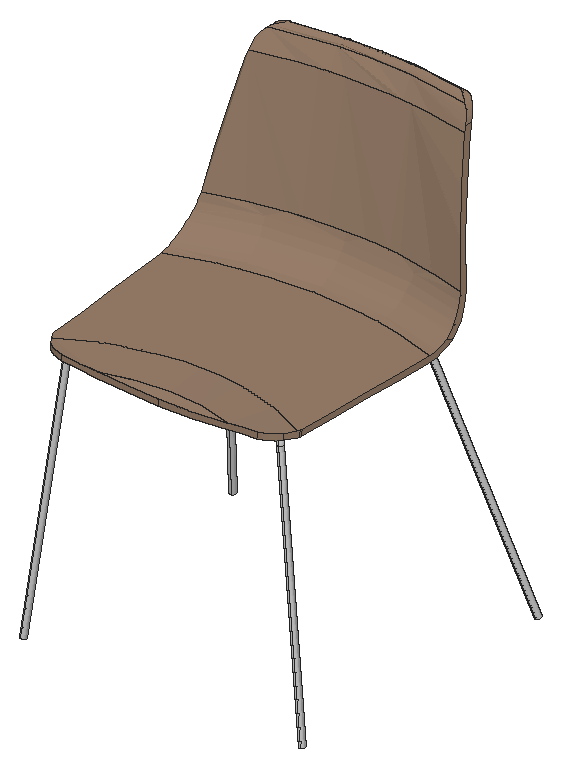
Revit family "FU_Chair_Sandler_VARYA TAPIZ_1-2", category Furniture, Revit 2020
Family settings
  OmniClass Number = 23.21.23.15.17
  Work Plane-Based = Yes
  Always vertical = No
  Cut with Voids When Loaded = No
  Shared = No
  Room Calculation Point = No
Parameters (values of type "VARYA 1.2")
  Youtube clip = ""
  Uniformat II Description = "Movable Furnishings"
  Uniformat II Code = ""
  Uniclass 2015 Name = ""
  Uniclass 2015 Code = ""
  Uniclass 2.0 Description = ""
  Uniclass 2.0 Code = ""
  Uniclass 1.4 Description = ""
  Uniclass 1.4 Code = ""
  URL = "https://www.sandlerseating.com/product/varya-tapiz-1-2/"
  UNSPSC Code = ""
  Shell = TP02 : TP02
  Frame = BS02 : BS02
  Technical description = ""
  Shell Material = Leather - Tan - Sandler 131
  Height Frame = 458.900 mm
  Frame Material = Metal - Chrome - Polished
  401D = no
  Region South America = "All"
  Region Oceania = "All"
  Region North America = "All"
  Region Middle East = "All"
  Region Europe = "All"
  Region Asia = "All"
  Region Antarctica = "All"
  Region Africa = "All"
  QR code = "https://www.sandlerseating.com/product/varya-tapiz-1-2/"
  Product url = ""
  Product name = "VARYA TAPIZ 1.2"
  Product group = "Chair"
  Product family = "Furniture"
  Product data url = "https://www.sandlerseating.com/product/varya-tapiz-1-2/"
  Product certification = ""
  Product SKU = "??"
  Product Guid = "??"
  OmniClass Description = ""
  OmniClass Code = "23-21 23 15 17"
  NBS Reference Description = ""
  NBS Reference Code = ""
  Model = "VARYA TAPIZ 1.2"
  Masterformat 2014 Description = "Chair Mats"
  Masterformat 2014 Code = "12 48 43.13"
  Manufacturer name = "Sandler"
  Manufacturer country = "USA"
  Manufacturer = "Sandler"
  401G = no
  Installation instructions = ""
  IFC Classification = "Furnishing Element"
  GTIN code = ""
  Edition number = 1
  Design country = ""
  Description = "Fully upholstered side chair on four leg steel base. Greenguard Certified."
  Default Elevation = 1219.200 mm
  Date of publishing = ""
  COBIe Type Category = ""
  Brand url = "https://www.sandlerseating.com/"
  BIMobject main category code = "furniture"
  BIMobject main category = "Furniture"
  BIMobject category code = "furniture-chair"
  BIMobject category = "Chair"
Types (2, lengths in mm): name | URL | Shell | Shell Material | Frame Material | QR code | Product name | Product data url | Model | Design country | Description
  VARYA 1.2 PP | 0.000 | TP01 : TP01 | none | none | "https://www.sandlerseating.com/product/dunas-lounge-5-1/" | "VARYA 1.2 PP" | "https://www.sandlerseating.com/product/varya-1-2-pp/" | "VARYA 1.2 PP" | "Brasil" | "Chair"
  VARYA 1.2 | "https://www.sandlerseating.com/product/varya-tapiz-1-2/" | TP02 : TP02 | Leather - Tan - Sandler 131 | Metal - Chrome - Polished | "https://www.sandlerseating.com/product/varya-tapiz-1-2/" | "VARYA TAPIZ 1.2" | "https://www.sandlerseating.com/product/varya-tapiz-1-2/" | "VARYA TAPIZ 1.2" | "" | "Fully upholstered side chair on four leg steel base. Greenguard Certified."
Reference planes
  plane 1 "Center Front/Back": y = 0
  plane 2: z = 0
  plane 3 "Center Left/Right": x = 0
  plane 4 "Heigth Shell": z = 458.9
Dimensions and locks
  "Height Frame": plane 4 "Heigth Shell" to plane 2
  aligned and locked: level to plane 2
Nested families
  nested 1: "BS02" at (1.133, 49.42, 0) x (1, -0.0021, 0) z (0, 0, 1), type <- "Frame", Frame Material <- "Frame Material", type "BS02"
    with Frame Material Metal - Chrome - Polished
  nested 2: "TP02" at (-0.497, 58.174, 428.1) x (1, -0.0021, 0) z (0, 0, 1), type <- "Shell", Shell Material <- "Shell Material", type "TP02"
    with Shell Material Leather - Tan - Sandler 131, Seat Material none
Definition of nested family "BS02"
  Parameters (values of type "BS02")
    Frame Material [instance] = none
    Default Elevation = 0.000 mm
  Reference planes
    plane 1 "Center (Front/Back)": y = 0
    plane 2: z = 0
    plane 3 "Center (Left/Right)": x = 0
  Forms (mm)
    Sweep 1, solid, material <- "Frame Material"
      path origin (-148.48, -68.498, 392.589) x (0.309285, 0.950954, 0.005471) y (0.097586, -0.03746, 0.994522)
        loop
          line (-199.313, -392.852) -> (-155.77, 60.696)
          arc (-155.77, 60.696) -> (-151.887, 68.446) -> (-143.801, 71.571) r 12.024
          line (-143.801, 71.571) -> (-92.631, 71.571)
      profile origin (-219.598, -231.111, 226.45) x (-0.298543, -0.950181, 0.089598) y (0.945949, -0.307057, -0.104385)
        loop
          circle (0, 0) r 5
    Sweep 2, solid, material <- "Frame Material"
      path origin (-143.841, -19.492, 390.714) x (-0.30874, 0.951131, 0.005471) y (0.100967, 0.027054, 0.994522)
        loop
          line (92.709, 71.68) -> (132.709, 71.68)
          arc (132.709, 71.68) -> (147.404, 66.905) -> (156.486, 54.405) r 25
          line (156.486, 54.405) -> (301.067, -390.569)
      profile origin (-231.444, 193.557, 224.804) x (-0.262429, 0.912939, 0.312527) y (0.945772, 0.307601, -0.104385)
        loop
          circle (0, 0) r 5
    Sweep 3, solid, material <- "Frame Material"
      path origin (2.5, 1.908, 24.606) x (1, 0, 0) y (0, 0.99999, 0.004363)
        loop
          line (-167.72, 70.018) -> (-173.009, -160.741)
      profile origin (-167.864, -43.453, 24.408) x (0.999737, -0.022915, -0.0001) y (0, -0.004363, 0.99999)
        loop
          circle (0, 437.656) r 5
    Sweep 4, solid, material <- "Frame Material"
      path origin (148.48, -68.498, 392.589) x (-0.309285, 0.950954, 0.005471) y (0.097586, 0.03746, -0.994522)
        loop
          line (-199.313, 392.852) -> (-155.77, -60.696)
          arc (-155.77, -60.696) -> (-151.887, -68.446) -> (-143.801, -71.571) r 12.024
          line (-143.801, -71.571) -> (-92.631, -71.571)
      profile origin (219.598, -231.111, 226.45) x (-0.298543, 0.950181, -0.089598) y (-0.945949, -0.307057, -0.104385)
        loop
          circle (0, 0) r 5
    Sweep 5, solid, material <- "Frame Material"
      path origin (143.841, -19.492, 390.714) x (0.30874, 0.951131, 0.005471) y (0.100967, -0.027054, -0.994522)
        loop
          line (85.324, -70.51) -> (125.324, -70.51)
          arc (125.324, -70.51) -> (140.019, -65.736) -> (149.1, -53.236) r 25
          line (149.1, -53.236) -> (294.043, 392.852)
      profile origin (229.394, 186.658, 223.048) x (-0.262429, -0.912939, -0.312527) y (-0.945772, 0.307601, -0.104385)
        loop
          circle (0, 0) r 5
    Sweep 6, solid, material <- "Frame Material"
      path origin (-2.5, 1.908, 24.606) x (-1, 0, 0) y (0, -0.99999, -0.004363)
        loop
          line (-166.183, -63.664) -> (-173.009, 160.741)
      profile origin (167.096, -46.63, 24.394) x (0.999538, 0.030405, 0.000133) y (0, -0.004363, 0.99999)
        loop
          circle (0, 437.656) r 5
  Dimensions and locks
    aligned and locked: level to plane 2
Definition of nested family "TP02"
  Parameters (values of type "TP02")
    Youtube clip = ""
    Uniformat II Description = "Movable Furnishings"
    Uniformat II Code = ""
    Uniclass 2015 Name = ""
    Uniclass 2015 Code = ""
    Uniclass 2.0 Description = ""
    Uniclass 2.0 Code = ""
    Uniclass 1.4 Description = ""
    Uniclass 1.4 Code = ""
    UNSPSC Code = ""
    Technical description = ""
    Seat Material [instance] = none
    Default Elevation = 1219.200 mm
    401D = no
    Region South America = "All"
    Region Oceania = "All"
    Region North America = "All"
    Region Middle East = "All"
    Region Europe = "All"
    Region Asia = "All"
    Region Antarctica = "All"
    Region Africa = "All"
    QR code = "https://www.sandlerseating.com/product/dunas-lounge-5-1/"
    Product url = ""
    Product name = "Dunas Lounge 5.1"
    Product group = "Chair"
    Product family = "Furniture"
    Product data url = "https://www.sandlerseating.com/product/dunas-lounge-5-1/"
    Product certification = ""
    Product SKU = "??"
    Product Guid = "??"
    OmniClass Description = ""
    OmniClass Code = "23-21 23 15 17"
    NBS Reference Description = ""
    NBS Reference Code = ""
    Model = "Dunas Lounge 5.1"  # constant formula
    Masterformat 2014 Description = "Chair Mats"
    Masterformat 2014 Code = "12 48 43.13"
    Manufacturer name = "Sandler"
    Manufacturer country = "USA"
    Manufacturer = "Sandler"  # constant formula
    401G = yes
    Installation instructions = ""
    IFC Classification = "Furnishing Element"
    GTIN code = ""
    Edition number = 1
    Design country = "Brasil"
    Description = "Chair"  # constant formula
    Date of publishing = ""
    COBIe Type Category = ""
    Brand url = "https://www.sandlerseating.com/"
    Shell Material [instance] = none
    BIMobject main category code = "furniture"
    BIMobject main category = "Furniture"
    BIMobject category code = "furniture-chair"
    BIMobject category = "Chair"
  Reference planes
    plane 1 "Center Front/Back": y = 0
    plane 2: z = 0
    plane 3 "Center Left/Right": x = 0
  Forms (mm)
    SweptBlend 1, solid, material <- "Shell Material"
      path origin (5.681, -212.5, 0) x (1, 0, 0) y (0, 1, 0)
        loop
          arc (-317.221, 139.285) -> (-9.402, 229.926) -> (301.107, 148.975) r 600
      profile "Profile Lateral : Profile Lateral" origin (-311.539, -73.215, 0) x (-0.528701, 0.848808, 0) y (0, 0, 1)
        loop
          arc (220.072, 373.875) -> (220.776, 379.083) -> (216.324, 381.876) r 4.851
          arc (216.324, 381.876) -> (209.979, 378.228) -> (205.376, 372.537) r 19.958
          arc (205.376, 372.537) -> (196.162, 356.573) -> (188.635, 339.748) r 179.403
          arc (188.635, 339.748) -> (162.543, 233.058) -> (144.335, 124.743) r 1498.854
          arc (144.335, 124.743) -> (120.197, 79.841) -> (74.028, 58.225) r 81.068
          line (74.028, 58.225) -> (-180.577, 50.222)
          arc (-180.577, 50.222) -> (-217.915, 49.974) -> (-255.089, 46.48) r 428.848
          arc (-255.089, 46.48) -> (-277.323, 40.838) -> (-297.701, 30.309) r 100.67
          arc (-297.701, 30.309) -> (-299.067, 23.371) -> (-292.129, 22.005) r 5
          arc (-292.129, 22.005) -> (-273.768, 31.491) -> (-253.736, 36.572) r 90.67
          arc (-253.736, 36.572) -> (-217.251, 39.995) -> (-180.606, 40.216) r 418.848
          line (-180.606, 40.216) -> (74.763, 48.243)
          arc (74.763, 48.243) -> (126.989, 72.501) -> (154.223, 123.238) r 91.068
          arc (154.223, 123.238) -> (172.269, 230.706) -> (198.126, 336.566) r 1488.854
          arc (198.126, 336.566) -> (205.277, 352.434) -> (214.019, 367.485) r 169.403
          arc (214.019, 367.485) -> (216.964, 370.757) -> (220.072, 373.875) r 86.344
      end profile "Profile Lateral : Profile Lateral" origin (306.788, -63.525, 0) x (0.501844, 0.864958, 0) y (0, 0, 1)
        loop
          arc (220.072, 373.875) -> (220.776, 379.083) -> (216.324, 381.876) r 4.851
          arc (216.324, 381.876) -> (209.979, 378.228) -> (205.376, 372.537) r 19.958
          arc (205.376, 372.537) -> (196.162, 356.573) -> (188.635, 339.748) r 179.403
          arc (188.635, 339.748) -> (162.543, 233.058) -> (144.335, 124.743) r 1498.854
          arc (144.335, 124.743) -> (120.197, 79.841) -> (74.028, 58.225) r 81.068
          line (74.028, 58.225) -> (-180.577, 50.222)
          arc (-180.577, 50.222) -> (-217.915, 49.974) -> (-255.089, 46.48) r 428.848
          arc (-255.089, 46.48) -> (-277.323, 40.838) -> (-297.701, 30.309) r 100.67
          arc (-297.701, 30.309) -> (-299.067, 23.371) -> (-292.129, 22.005) r 5
          arc (-292.129, 22.005) -> (-273.768, 31.491) -> (-253.736, 36.572) r 90.67
          arc (-253.736, 36.572) -> (-217.251, 39.995) -> (-180.606, 40.216) r 418.848
          line (-180.606, 40.216) -> (74.763, 48.243)
          arc (74.763, 48.243) -> (126.989, 72.501) -> (154.223, 123.238) r 91.068
          arc (154.223, 123.238) -> (172.269, 230.706) -> (198.126, 336.566) r 1488.854
          arc (198.126, 336.566) -> (205.277, 352.434) -> (214.019, 367.485) r 169.403
          arc (214.019, 367.485) -> (216.964, 370.757) -> (220.072, 373.875) r 86.344
    Extrusion 2, void
      sketch origin (5.681, 0, 0) x (1, 0, 0) y (0, 1, 0)
        loop
          line (-247.765, 106.22) -> (-247.765, 266.22) -> (-487.765, 266.22) -> (-487.765, -333.78) -> (-7.5, -333.78) -> (472.765, -333.78) -> (472.765, 266.22) -> (232.765, 266.22) -> (232.765, 106.22) -> (213.357, -213.191)
          arc (213.357, -213.191) -> (196.502, -241.247) -> (166.837, -255.077) r 55.957
          arc (166.837, -255.077) -> (79.688, -257.728) -> (-7.5, -258.12) r 3363.946
          arc (-7.5, -258.12) -> (-94.688, -257.728) -> (-181.837, -255.077) r 3363.946
          arc (-181.837, -255.077) -> (-211.502, -241.247) -> (-228.357, -213.191) r 55.957
          line (-228.357, -213.191) -> (-247.765, 106.22)
      from 0 to 250
    Extrusion 3, void
      sketch origin (5.681, 0, 0) x (1, 0, 0) y (0, 0, 1)
        loop
          line (232.252, 65.67) -> (445.023, 65.67) -> (445.023, 415.67) -> (145.999, 415.67) -> (145.999, 382.34)
          arc (145.999, 382.34) -> (169.969, 371.303) -> (183.516, 348.657) r 44.637
          line (183.516, 348.657) -> (232.252, 65.67)
        loop
          line (-246.936, 65.67) -> (-200.298, 330.165) -> (-196.12, 348.236)
          arc (-196.12, 348.236) -> (-183.265, 370.366) -> (-160.18, 381.415) r 43.434
          line (-160.18, 381.415) -> (-160.18, 415.67) -> (-460.023, 415.67) -> (-460.023, 65.67) -> (-246.936, 65.67)
      from -241.575 to -47.482
  Cuts and joins
    Extrusion 2, Extrusion 3 cuts SweptBlend 1
  Dimensions and locks
    aligned and locked: level to plane 2
